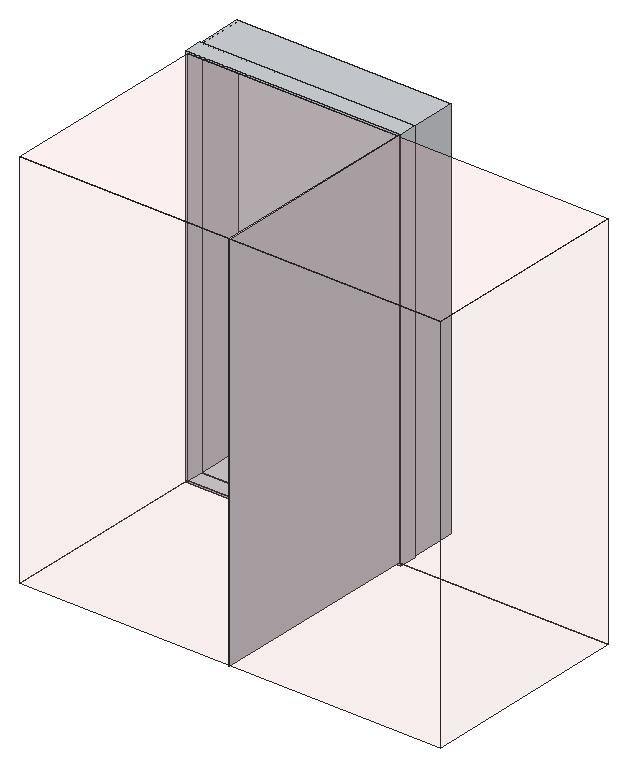
Revit family "Hager-PABLO-Flush_mounted-IP40-With_Cover-Without_DIN-NoHosted-IT-it", category Electrical Equipment, Revit 2023
Family settings
  Panel Configuration = Two Columns, Circuits Across
  Round Connector Dimension = Use Diameter
  Part Type = Panelboard
  Work Plane-Based = Yes
  Always vertical = Yes
  Cut with Voids When Loaded = No
  Maintain Annotation Orientation = No
  Shared = No
  Room Calculation Point = No
Parameters (values of type "PABLO-Flush_mounted_W455_H850_D135_18_Modular_Spacing-B04147")
  Width Control [instance] = if([HG000006-Flush mounted-it], if([EF000846 - Larghezza di montaggio] > min_whd, [EF000846 - Larghezza di montaggio], min_whd), if([EF000008 - Larghezza] > min_whd, ([EF000008 - Larghezza]), min_whd))  # 455 mm
  Void Depth [instance] = if([EF000218 - Profondità di incasso] > 1 mm, [EF000218 - Profondità di incasso], 1 mm)  # 98 mm
  Uniformat code = "D501001"
  Uniformat = "Low Tension Service & Dist."
  Référence = ""
  HGEF0002950-Numero moduli DIN = 18
  HGEF000266-Numero di file = 4
  HG000131 - Functional label [instance] = ""
  HG000130 - Functional name [instance] = ""
  HG000099-Onfly Template ID-it-IT = "507532"
  HG000059-Operating voltage-it-IT [instance] = 230 V
  HG000017-Distance between poles-it = 18 mm
  HG000016-Door 3D visibility-it = yes
  HG000015-Clearance visibility-it = yes
  HG000014-Door on the right-it = yes
  HG000013-Door on the left-it = no
  HG000012-Door swing angle-it = 90.00°
  HG000011-Empty rows from bottom-it = no
  HG000010-Asymmetric doors-it = no
  HG000009-Double swing door-it = no
  HG000008-Number of empty rows-it = 0
  HG000007-Number of empty columns-it = 0
  HG000006-Flush mounted-it = yes
  HG000005-Thickness-it = 2 mm
  HG000004-Manufacturer reference-it = "B04147"
  HG000003-Range-it = "PABLO"
  HG000002-with door or cover-it = yes
  HG000001 - Numero di colonne = 0
  ETIM class name = "Small distribution board"
  ETIM class code = "EC000214"
  EF015941 - Segnale di passaggio porta = no
  EF015777 - Morsettiera neutra = no
  EF015776 - Morsettiera di terra = no
  EF009212 - Esecuzione coperchio = ""
  EF006306 - Con serratura = no
  EF006244 - Coperchio/porta trasparente = no
  EF005474 - Grado di protezione (IP) = "IP40"
  EF004464 - Tipo di porta = ""
  EF004462 - Tipo di chiusura = ""
  EF002950 - Numero moduli DIN = 18
  EF001596 - Materiale del corpo = ""
  EF001134 - Barra DIN = no
  EF001131 - Profondità interna = 0 mm
  EF001088 - Possibilità di applicazione = no
  EF001062 - Esecuzione EMC = no
  EF000846 - Larghezza di montaggio = 455 mm
  EF000339 - Tipo di copertura = ""
  EF000332 - Altezza della parte incassata = 821 mm
  EF000266 - Numero di file = 4
  EF000218 - Profondità di incasso = 98 mm
  EF000118 - Con piastra di montaggio = no
  EF000116 - Numero RAL = 9016
  EF000049 - Profondità = 135 mm
  EF000040 - Altezza = 850 mm
  EF000024 - Resistente ai raggi UV = no
  EF000008 - Larghezza = 455 mm
  EF000007 - Colore = ""
  EF000003 - Tipo di montaggio = "Incassato"
  Type Comments = ""
  System Height [instance] = Height Control - 2 * [HG000005-Thickness-it]  # 817 mm
  Reference description = ""
  Reference = "PABLO-Flush_mounted_W455_H850_D135_18_Modular_Spacing-B04147"
  Panel Name [instance] = ""  # (empty or 0)
  Offset [instance] = 0 mm
  Object type = ""
  Name hager = "ADD_Enclosures_EC000214"
  Name BIM&CO = "Electricity"
  Name = "PABLO-Flush_mounted-IP40-With_Cover-Without_DIN-IT"
  Model = ""
  Level Offset [instance] = [Flush Mounted - Door Frame Width] + Offset  # 29 mm
  HG000060-RAL-number = "9016"
  GTIN (Global Trade Item Number) = ""
  Description = ""
  Default Elevation = 1200 mm
  Creation Date = "12/17/2025 20:22:45"
  Code hager = "ADD-EC000214_EU"
  Code Uniformat = ""
  BIM&CO code = ""
  BC_VARIANT_ID = "1179086"
  BC_OBJECT_VERSION = "#5"  # constant formula
  BC_OBJECT_ID = "513913"  # constant formula
  BC_MODEL_ID = "1554422"  # constant formula
  BC_METADATA = "{\"ObjectGuid\":\"bc35c96e-cb38-443e-833d-0616858cb9ac\",\"ModelGuid\":\"8af03f69-2293-4735-a617-cc53adf55621\",\"VariantGuid\":\"8b6e323b-1b53-409a-a940-11b5a7fc5337\",\"Revision\":\"#4\",\"VariantName\":\"Template-Enclosure_EU-EC000214\"}"
  Arrow Offset [instance] = Depth Control / 8  # 12.25 mm
  Arrow Height [instance] = Depth Control - Arrow Offset  # 85.75 mm
  Host Offset [instance] = if([HG000006-Flush mounted-it], 0 mm, [EF000049 - Profondità])  # 0 mm
  min_whd [instance] = (2 * [HG000005-Thickness-it]) + 1 mm  # 5 mm
  Manufacturer = "Hager"  # constant formula
  Height Control [instance] = if([HG000006-Flush mounted-it], if([EF000332 - Altezza della parte incassata] > min_whd, [EF000332 - Altezza della parte incassata], min_whd), if([EF000040 - Altezza] > min_whd, ([EF000040 - Altezza]), min_whd))  # 821 mm
  Flush Mounted - Door Frame Width [instance] = if(([EF000040 - Altezza] - [EF000332 - Altezza della parte incassata]) > 0 mm, if([HG000006-Flush mounted-it], [EF000040 - Altezza] - [EF000332 - Altezza della parte incassata], 0 mm), 0 mm)  # 29 mm
  Depth Control [instance] = if([HG000006-Flush mounted-it], if([EF000218 - Profondità di incasso] > 0 mm, [EF000218 - Profondità di incasso], 1 mm), if([EF000049 - Profondità] > 0 mm, ([EF000049 - Profondità]), 1 mm))  # 98 mm
Types (7, lengths in mm): name | Width Control | Void Depth | HGEF0002950-Numero moduli DIN | HGEF000266-Numero di file | HG000004-Manufacturer reference-it | EF002950 - Numero moduli DIN | EF000846 - Larghezza di montaggio | EF000332 - Altezza della parte incassata | EF000266 - Numero di file | EF000218 - Profondità di incasso | EF000049 - Profondità | EF000040 - Altezza | EF000008 - Larghezza | System Height | Reference | Level Offset | BC_VARIANT_ID | Arrow Offset | Arrow Height | Height Control | Flush Mounted - Door Frame Width | Depth Control
  PABLO-Flush_mounted_W169_H180_D99_4_Modular_Spacing-B04100 | 169 | 74 | 4 | 1 | "B04100" | 4 | 169 | 160 | 1 | 74 | 99 | 180 | 169 | 156 | "PABLO-Flush_mounted_W169_H180_D99_4_Modular_Spacing-B04100" | 20 | "1179080" | 9.25 | 64.75 | 160 | 20 | 74
  PABLO-Flush_mounted_W261_H225_D102_8_Modular_Spacing-B04101 | 261 | 74 | 8 | 1 | "B04101" | 8 | 261 | 205 | 1 | 74 | 102 | 225 | 261 | 201 | "PABLO-Flush_mounted_W261_H225_D102_8_Modular_Spacing-B04101" | 20 | "1179081" | 9.25 | 64.75 | 205 | 20 | 74
  PABLO-Flush_mounted_W333_H275_D108_12_Modular_Spacing-B04102 | 333 | 77 | 12 | 1 | "B04102" | 12 | 333 | 255 | 1 | 77 | 108 | 275 | 333 | 251 | "PABLO-Flush_mounted_W333_H275_D108_12_Modular_Spacing-B04102" | 20 | "1179082" | 9.625 | 67.375 | 255 | 20 | 77
  PABLO-Flush_mounted_W441_H300_D114_18_Modular_Spacing-B04103 | 441 | 77 | 18 | 1 | "B04103" | 18 | 441 | 280 | 1 | 77 | 114 | 300 | 441 | 276 | "PABLO-Flush_mounted_W441_H300_D114_18_Modular_Spacing-B04103" | 20 | "1179083" | 9.625 | 67.375 | 280 | 20 | 77
  PABLO-Flush_mounted_W455_H650_D135_18_Modular_Spacing-B04106 | 455 | 77 | 18 | 3 | "B04106" | 18 | 455 | 630 | 3 | 77 | 135 | 650 | 455 | 626 | "PABLO-Flush_mounted_W455_H650_D135_18_Modular_Spacing-B04106" | 20 | "1179084" | 9.625 | 67.375 | 630 | 20 | 77
  PABLO-Flush_mounted_W205_H180_D101_6_Modular_Spacing-B04146 | 205 | 74 | 6 | 1 | "B04146" | 6 | 205 | 160 | 1 | 74 | 101 | 180 | 205 | 156 | "PABLO-Flush_mounted_W205_H180_D101_6_Modular_Spacing-B04146" | 20 | "1179085" | 9.25 | 64.75 | 160 | 20 | 74
  PABLO-Flush_mounted_W455_H850_D135_18_Modular_Spacing-B04147 | 455 | 98 | 18 | 4 | "B04147" | 18 | 455 | 821 | 4 | 98 | 135 | 850 | 455 | 817 | "PABLO-Flush_mounted_W455_H850_D135_18_Modular_Spacing-B04147" | 29 | "1179086" | 12.25 | 85.75 | 821 | 29 | 98
Reference planes
  plane 1 "Center (Front/Back)": y = 0
  plane 2: z = 0
  plane 3 "Center (Left/Right)": x = 0
  plane 4: y = 31
  plane 5: y = 98
  plane 6: y = 29
  plane 7: z = 0
  plane 8: x = -227.5
  plane 9: x = 227.5
  plane 10: x = 225.5
  plane 11: x = -225.5
  plane 12: z = 29
  plane 13: z = 31
  plane 14: y = 5
  plane 15: y = 0
  plane 16: y = 96
  plane 17: z = 848
  plane 18: z = 850
  plane 19: z = 439.5
  plane 20: x = 0
  plane 21: y = -100
  plane 22 "Annotation H": y = -300
  plane 23 "Annotation V": x = 427.5
Forms (mm)
  Extrusion 1, solid
    sketch origin (-208.679, -4572, 29) x (-1, 0, 0) y (0, -1, 0)
      loop
        line (18.821, -4572) -> (-436.179, -4572) -> (-436.179, -4670) -> (18.821, -4670) -> (18.821, -4572)
    from 0 to 821 <- "Height Control"
  Extrusion 2, void
    sketch origin (-350.771, 0, 1219.2) x (1, 0, 0) y (0, 0, 1)
      loop
        line (125.271, -371.2) -> (125.271, -1188.2) -> (576.271, -1188.2) -> (576.271, -371.2) -> (125.271, -371.2)
    from 0 to -96
  Extrusion 3, solid, detail levels coarse+medium
    sketch origin (-350.771, 0, 1219.2) x (-1, 0, 0) y (0, 0, 1)
      loop
        line (-125.271, -371.2) -> (-576.271, -371.2) -> (-576.271, -1188.2) -> (-125.271, -1188.2) -> (-125.271, -371.2)
    from 0 to 2 <- "HG000005-Thickness-it"
Cuts and joins
  Extrusion 2 cuts Extrusion 1
Dimensions and locks
  "Flush Mounted - Door Frame Width": plane 1 "Center (Front/Back)" to plane 6
  "HG000005-Thickness-it": plane 4 to plane 6
  "HG000005-Thickness-it": plane 8 to plane 11
  "HG000005-Thickness-it": plane 9 to plane 10
  equal spacing: plane 8, plane 3 "Center (Left/Right)", plane 9
  "Width Control": plane 8 to plane 9
  locked: plane 14 to plane 15 at 5
  "Host Offset": plane 1 "Center (Front/Back)" to plane 15
  "Depth Control": plane 5 to plane 15
  "HG000005-Thickness-it": plane 5 to plane 16
  "HG000005-Thickness-it": plane 13 to plane 12
  "Level Offset": plane 12 to level
  "HG000005-Thickness-it": plane 18 to plane 17
  "Height Control": plane 18 to plane 12
  "Arrow Offset": plane 5 to nested 4
  equal spacing: plane 18, plane 19, plane 12
  locked: connector elem to plane 19
  locked: connector elem to plane 3 "Center (Left/Right)"
  Extrusion 2 sketch curve to Extrusion 2 sketch curve to plane 9 = 451 mm, 2 mm
  locked: plane 9 to plane 23 "Annotation V" at 200
  locked: plane 22 "Annotation H" to plane 1 "Center (Front/Back)" at 300
  aligned and locked: nested 1 to plane 14
  aligned and locked: plane 3 "Center (Left/Right)" to nested 1
  aligned and locked: plane 3 "Center (Left/Right)" to nested 2
  aligned and locked: nested 2 to plane 15
  aligned and locked: plane 5 to Extrusion 1
  aligned and locked: Extrusion 3 sketch curve to plane 17
  aligned and locked: Extrusion 3 sketch curve to plane 11
  aligned and locked: Extrusion 3 sketch curve to plane 13
  aligned and locked: Extrusion 3 sketch curve to plane 10
  aligned and locked: Extrusion 2 sketch curve to plane 13
  aligned and locked: Extrusion 2 sketch curve to plane 17
  aligned and locked: plane 16 to Extrusion 2
  aligned and locked: plane 5 to Extrusion 1 sketch curve
  aligned and locked: plane 9 to Extrusion 1 sketch curve
  aligned and locked: plane 8 to Extrusion 1 sketch curve
  aligned and locked: plane 8 to nested 4
  aligned and locked: plane 8 to nested 3
  aligned and locked: nested 3 to plane 5
  aligned and locked: Extrusion 1 sketch curve to plane 15
  aligned and locked: Extrusion 2 to plane 15
  aligned and locked: nested 5 to plane 22 "Annotation H"
  aligned and locked: plane 23 "Annotation V" to nested 5
  aligned and locked: plane 11 to Extrusion 2
  aligned and locked: plane 10 to Extrusion 2
Nested families
  nested 1: "Hager_Enclosure_System" at (0, 5, 31), Height <- "System Height", Width_Control <- "Width Control", Built-in_Width <- "EF000846 - Larghezza di montaggio", Width <- "EF000008 - Larghezza", Depth <- "HG000005-Thickness-it", Border <- "HG000005-Thickness-it", Distance_Between_Poles <- "HG000017-Distance between poles-it", Flush_Mounted <- "HG000006-Flush mounted-it", Empty_Columns <- "HG000007-Number of empty columns-it", Total_No_Empty_Rows <- "HG000008-Number of empty rows-it", Empty_Rows_From_Bottom <- "HG000011-Empty rows from bottom-it", Columns_Count <- "HG000001 - Numero di colonne", Rows_Count <- "HGEF000266-Numero di file", Row_Module_Multiplicator <- "HGEF0002950-Numero moduli DIN", type "Hager_Enclosure_System", detail levels medium+fine
    with Width_Control 455 mm, Width 455 mm, Total_No_Rows 4, Total_No_Empty_Rows 0, Total_No_Columns 1, System_Width 451 mm, Rows_Count 4, Rows_Column 4, Row_Module_Multiplicator 18, Panel_4 no, Panel_3 no, Panel_2 no, Panel_1 no, No_Panels_Ctrl 1, Hide_Columns yes, Height 817 mm, Flush_Mounted yes, Empty_Rows_From_Bottom no, Empty_Rows_Column 0, Empty_Columns 0, Empty column 4 0, Empty column 3 0, Empty column 2 0, Empty column 1 0, Distance_Between_Poles 18 mm, Depth 2 mm, Columns_Count 0, Column_Width 451 mm, Built-in_Width 455 mm, Border 2 mm
  nested 2: "Hager_Enclosure_Door" at (0, 0, 29), Height_Ctrl <- "Height Control", Width_Ctrl <- "Width Control", BuiltIn_Depth <- "EF000218 - Profondità di incasso", Depth <- "EF000049 - Profondità", BuiltIn_Width <- "EF000846 - Larghezza di montaggio", Height <- "EF000040 - Altezza", BuiltIn_Height <- "EF000332 - Altezza della parte incassata", Width <- "EF000008 - Larghezza", Transparent <- "EF006244 - Coperchio/porta trasparente", Border <- "HG000005-Thickness-it", Door <- "HG000002-with door or cover-it", Flush_Mounted <- "HG000006-Flush mounted-it", Double <- "HG000009-Double swing door-it", Assymetrical <- "HG000010-Asymmetric doors-it", Angle <- "HG000012-Door swing angle-it", Door_Left <- "HG000013-Door on the left-it", Door_Right <- "HG000014-Door on the right-it", Clearance <- "HG000015-Clearance visibility-it", 3d_Door <- "HG000016-Door 3D visibility-it", type "Hager_Enclosure_Door", detail levels medium+fine
    with min_wh 5 mm, Width_Ctrl 455 mm, Width 455 mm, Transparent_Door_No_Bottom_Border no, Transparent no, Leaf_Width 448 mm, Leaf_Tolerance 1.5 mm, Leaf_Height 814 mm, Leaf_2_Width 448 mm, Leaf_2_Offset 224 mm, Leaf_1_Width 448 mm, Leaf_1_Offset 224 mm, Height_Ctrl 821 mm, Height 850 mm, Frame_Width_Ctrl 1 mm, Frame_Width 0 mm, Frame_Internal_Offset 2 mm, Frame_Height_Ctrl 29 mm, Frame_Height 29 mm, Frame_Depth_Ctrl 37 mm, Frame_Depth 37 mm, Flush_Mounted yes, Double_Clearance_Ctrl no, Double no, Door_Right_Ctrl yes, Door_Right yes, Door_Left_Ctrl no, Door_Left no, Door yes, Depth 135 mm, Clearance_Depth 448 mm, Clearance_Ctrl yes, Clearance yes, BuiltIn_Width 455 mm, BuiltIn_Height 821 mm, BuiltIn_Depth 98 mm, Border 2 mm, Assymetrical no, Angle 90.00°, 3d_Door yes
  nested 3: "Hager_Enclosure_Symbol_Triangle" at (-227.5, 98, 0), Depth <- "Depth Control", Width <- "Width Control", type "Hager_Enclosure_Symbol_Triangle"
    with Width_Ctrl 455 mm, Width 455 mm, Depth_Ctrl 98 mm, Depth 98 mm
  nested 4: "Hager_Enclosure_Symbol_Arrow" at (-227.5, 85.75, 0), Height <- "Arrow Height", type "Hager_Enclosure_Symbol_Arrow"
    with Width_Inside 6.431 mm, Width 77.175 mm, Height_Ctrl 85.75 mm, Height 85.75 mm
  nested 5: "Hager_Annotation-HG000130" at (427.5, -300, 0), HG000130 - Functional name <- "HG000130 - Functional name", type "Hager_Annotation-HG000130"
    with HG000130 - Functional name ""
Connectors
  electrical at (0, 98, 439.5), driven by "HG000059-Operating voltage-it-IT"
    settings: on plane 5, index 1, voltage 230 V, apparent load 0 VA, apparent load phase1 0 VA, apparent load phase2 0 VA, apparent load phase3 0 VA, power factor 1, load classification "Other", number of poles 1, system type 30, power factor state 1, is connector primary yes, connector utility no, sub classification motor no, connector description ""
Definition of nested family "Hager_Enclosure_Door"
  Parameters (values of type "Hager_Enclosure_Door")
    min_wh [instance] = (2 * Border) + 1 mm  # 11 mm
    Width_Ctrl [instance] = 400 mm
    Width [instance] = 500 mm
    Transparent_Door_No_Bottom_Border [instance] = no
    Transparent [instance] = yes
    Leaf_Width [instance] = if((Width_Ctrl - 2 * Border - 2 * Leaf_Tolerance) > 0 mm, (Width_Ctrl - 2 * Border - 2 * Leaf_Tolerance), min_wh)  # 387 mm
    Leaf_Tolerance [instance] = 1.5 mm  # constant formula
    Leaf_Height [instance] = if((Height_Ctrl - 2 * Border - 2 * Leaf_Tolerance) > 0 mm, (Height_Ctrl - 2 * Border - 2 * Leaf_Tolerance), min_wh)  # 387 mm
    Leaf_2_Width [instance] = if(and(and(Double, Assymetrical), Door_Left), (Leaf_Width / 3) - (Leaf_Tolerance / 2), if(and(and(Double, Assymetrical), Door_Right), (Leaf_Width / 3) * 2 - (Leaf_Tolerance / 2), if(and(Double, not(Assymetrical)), (Leaf_Width / 2) - Leaf_Tolerance, Leaf_Width)))  # 387 mm
    Leaf_2_Offset [instance] = if(and(Double, Assymetrical), Leaf_2_Width / 2, if(and(Double, not(Assymetrical)), Leaf_Width / 4, Leaf_Width / 2))  # 193.5 mm
    Leaf_1_Width [instance] = if(and(and(Double, Assymetrical), Door_Right), (Leaf_Width / 3) - (Leaf_Tolerance / 2), if(and(and(Double, Assymetrical), Door_Left), (Width / 3) * 2 - (Leaf_Tolerance / 2), if(and(Double, not(Assymetrical)), (Leaf_Width / 2) - Leaf_Tolerance, Leaf_Width)))  # 387 mm
    Leaf_1_Offset [instance] = if(and(Double, Assymetrical), Leaf_1_Width / 2, if(and(Double, not(Assymetrical)), Leaf_Width / 4, Leaf_Width / 2))  # 193.5 mm
    Height_Ctrl [instance] = 400 mm
    Height [instance] = 500 mm
    Frame_Width_Ctrl [instance] = if(Frame_Width > 0 mm, Frame_Width, 1 mm)  # 1 mm
    Frame_Width [instance] = Width - BuiltIn_Width  # 0 mm
    Frame_Internal_Offset [instance] = if(Flush_Mounted, Border, 0 mm)  # 5 mm
    Frame_Height_Ctrl [instance] = if(Frame_Height > 0 mm, Frame_Height, 1 mm)  # 1 mm
    Frame_Height [instance] = Height - BuiltIn_Height  # 0 mm
    Frame_Depth_Ctrl [instance] = if(Frame_Depth > 0 mm, Frame_Depth, 1 mm)  # 1 mm
    Frame_Depth [instance] = if(Depth - BuiltIn_Depth > 0 mm, if(Flush_Mounted, Depth - BuiltIn_Depth, 0 mm), 0 mm)  # 0 mm
    Flush_Mounted [instance] = yes
    Double_Clearance_Ctrl [instance] = and(Double, Clearance)  # no
    Double [instance] = no
    Door_Right_Ctrl [instance] = and(or(Door_Right, Double), Door)  # yes
    Door_Right [instance] = yes
    Door_Left_Ctrl [instance] = and(or(Door_Left, Double), Door)  # no
    Door_Left [instance] = no
    Door [instance] = yes
    Depth [instance] = 500 mm
    Default Elevation = 1219.2 mm
    Clearance_Material = none
    Clearance_Depth [instance] = if(Leaf_1_Width > Leaf_2_Width, Leaf_1_Width, Leaf_2_Width)  # 387 mm
    Clearance_Ctrl [instance] = and(not(Double), Clearance)  # yes
    Clearance [instance] = yes
    BuiltIn_Width [instance] = 500 mm
    BuiltIn_Height [instance] = 500 mm
    BuiltIn_Depth [instance] = 500 mm
    Border [instance] = 5 mm
    Assymetrical [instance] = yes
    Angle [instance] = 30.00°
    3d_Door [instance] = yes
  Reference planes
    plane 1 "Center (Front/Back)": y = 0
    plane 2 "Bottom": z = 0
    plane 3 "Center (Left/Right)": x = 0
    plane 4: z = 400
    plane 5: x = -200
    plane 6: x = 200
    plane 7: z = 395
    plane 8: x = -195
    plane 9: z = 5
    plane 10: x = 195
    plane 11: y = 0
    plane 12: z = 6.5
    plane 13: x = -582
    plane 14: y = -387
    plane 15: x = 582
    plane 16: x = 0
    plane 17: x = 0
    plane 18: x = -193.5
    plane 19: x = 193.5
    plane 20: z = 393.5
  Forms (mm)
    Extrusion 1, solid, visible <- "Flush_Mounted"
      sketch origin (0, 0, 0) x (1, 0, 0) y (0, 0, 1)
        loop
          line (195, 5) -> (195, 395) -> (-195, 395) -> (-195, 5) -> (195, 5)
        loop
          line (-201, 401) -> (-201, -1) -> (201, -1) -> (201, 401) -> (-201, 401)
      from 0 to 1 <- "Frame_Depth_Ctrl"
    Extrusion 2, solid, material <- "Clearance_Material", visible <- "Double_Clearance_Ctrl"
      sketch origin (1200, 0, 0) x (1, 0, 0) y (0, 0, -1)
        loop
          line (-1782, -393.5) -> (-618, -393.5) -> (-618, 0) -> (-1782, 0) -> (-1782, -393.5)
      from 0 to -387
  Dimensions and locks
    equal spacing: plane 5, plane 3 "Center (Left/Right)", plane 6
    "Width_Ctrl": plane 5 to plane 6
    "Border": plane 5 to plane 8
    "Border": plane 6 to plane 10
    "Border": plane 9 to level
    "Border": plane 4 to plane 7
    "Height_Ctrl": plane 4 to level
    "Leaf_Tolerance": plane 12 to plane 9
    "Frame_Depth": plane 11 to plane 1 "Center (Front/Back)"
    "Frame_Width_Ctrl": plane 5 to Extrusion 1 sketch curve
    "Frame_Width_Ctrl": plane 6 to Extrusion 1 sketch curve
    "Frame_Width_Ctrl": Extrusion 1 sketch curve to plane 4
    "Frame_Width_Ctrl": plane 2 "Bottom" to Extrusion 1 sketch curve
    "Leaf_1_Offset": plane 18 to plane 16
    "Leaf_2_Offset": plane 17 to plane 19
    "Leaf_1_Width": plane 13 to plane 8
    "Leaf_2_Width": plane 10 to plane 15
    "Clearance_Depth": plane 14 to plane 1 "Center (Front/Back)"
    "Leaf_Tolerance": plane 8 to plane 18
    "Leaf_Tolerance": plane 19 to plane 10
    "Leaf_Tolerance": plane 7 to plane 20
    "Frame_Internal_Offset": plane 5 to Extrusion 1 sketch curve
    "Frame_Internal_Offset": Extrusion 1 sketch curve to plane 2 "Bottom"
    "Frame_Internal_Offset": plane 6 to Extrusion 1 sketch curve
    "Frame_Internal_Offset": plane 4 to Extrusion 1 sketch curve
    aligned and locked: level to plane 2 "Bottom"
    aligned and locked: nested 1 to plane 16
    aligned and locked: nested 2 to plane 17
    aligned and locked: Extrusion 2 to plane 13
    aligned and locked: plane 15 to Extrusion 2
    aligned and locked: Extrusion 2 to plane 14
    aligned and locked: plane 12 to nested 1
    aligned and locked: nested 2 to plane 12
    aligned and locked: Extrusion 2 to plane 11
    aligned and locked: plane 20 to Extrusion 2
    aligned and locked: nested 2 to plane 11
    aligned and locked: nested 1 to plane 11
  Automatic sketch dimensions
    Extrusion 2 sketch curve to level = 0 mm
    plane 5 to Extrusion 2 sketch curve = 382 mm
    plane 6 to Extrusion 2 sketch curve = 382 mm
    Extrusion 2 sketch curve to plane 4 = 6.5 mm
  Nested families
    nested 1: "Hager_Enclosure_Door_Leaf" at (0, 0, 6.5), Width <- "Leaf_1_Width", visible <- "Door_Left_Ctrl", Leaf_Height <- "Leaf_Height", Angle <- "Angle", Depth <- "Border", 3d_Door <- "3d_Door", Transparent <- "Transparent", Clearance Material <- "Clearance_Material", Clearance <- "Clearance_Ctrl", Transparent_Door_No_Bottom_Border <- "Transparent_Door_No_Bottom_Border", type "Hager_Enclosure_Door_Leaf"
      with Width 387 mm, Transparent_Door_No_Bottom_Border no, Transparent_Door_Border_Bottom_Top 25 mm, Transparent_Door_Border 25 mm, Transparent_Ctrl yes, Transparent yes, Standard no, Leaf_Height 387 mm, Glass_Offset 1 mm, Depth 5 mm, Clearance Material none, Clearance yes, Angle_Ctrl 30.00°, Angle 30.00°, 3d_Door yes
    nested 2: "Hager_Enclosure_Door_Leaf" at (0, 0, 6.5) x (-1, 0, 0) z (0, 0, 1), Width <- "Leaf_2_Width", visible <- "Door_Right_Ctrl", Leaf_Height <- "Leaf_Height", Angle <- "Angle", Depth <- "Border", 3d_Door <- "3d_Door", Transparent <- "Transparent", Clearance Material <- "Clearance_Material", Clearance <- "Clearance_Ctrl", Transparent_Door_No_Bottom_Border <- "Transparent_Door_No_Bottom_Border", type "Hager_Enclosure_Door_Leaf"
      with Width 387 mm, Transparent_Door_No_Bottom_Border no, Transparent_Door_Border_Bottom_Top 25 mm, Transparent_Door_Border 25 mm, Transparent_Ctrl yes, Transparent yes, Standard no, Leaf_Height 387 mm, Glass_Offset 1 mm, Depth 5 mm, Clearance Material none, Clearance yes, Angle_Ctrl 30.00°, Angle 30.00°, 3d_Door yes
  Definition of nested family "Hager_Enclosure_Door_Leaf"
    Parameters (values of type "Hager_Enclosure_Door_Leaf")
      Width [instance] = 2000 mm
      Transparent_Door_No_Bottom_Border [instance] = yes
      Transparent_Door_Border_Bottom_Top [instance] = if(Transparent_Door_No_Bottom_Border, 0.1 mm, Transparent_Door_Border)  # 0.1 mm
      Transparent_Door_Border [instance] = if(Transparent_Door_No_Bottom_Border, (Width * 0.12), 25 mm)  # 240 mm
      Transparent_Ctrl [instance] = and(Transparent, [3d_Door])  # yes
      Transparent [instance] = yes
      Standard [instance] = and(not(Transparent), [3d_Door])  # no
      Leaf_Height [instance] = 2720.336 mm
      Glass_Offset [instance] = if((Depth - 10 mm) / 2 > 0 mm, (Depth - 10 mm) / 2, 1 mm)  # 15 mm
      Glass_Material = none
      Depth [instance] = 40 mm
      Default Elevation = 0 mm
      Clearance Material [instance] = none
      Clearance [instance] = yes
      Angle_Ctrl [instance] = if(Angle > 170.00°, 170.00°, Angle)  # 45.00°
      Angle [instance] = 45.00°
      3d_Door [instance] = yes
    Reference planes
      plane 1 "Center (Front/Back)": y = 0
      plane 2: z = 0
      plane 3 "Center (Left/Right)": x = 0
      plane 4: y = 2000
      plane 5: x = -1000
      plane 6: x = 1000
      plane 7: x = -3000
      plane 8: z = 2720.336
      plane 9: z = 0.1
      plane 10: z = 2720.236
      plane 11: x = 760
      plane 12: x = -760
    Forms (mm)
      Extrusion 1, solid, material <- "Clearance Material", visible <- "Clearance"
        sketch origin (0, 0, 0) x (1, 0, 0) y (0, 0, 1)
          loop
            line (-3000, 2720.336) -> (-3000, 0) -> (1000, 0) -> (1000, 2720.336) -> (-3000, 2720.336)
        from 0 to -2000
      Extrusion 2, solid, visible <- "Standard", detail levels medium+fine
        sketch origin (-1000, 0, 0) x (0.707107, 0.707107, 0) y (-0.707107, 0.707107, 0)
          loop
            line (0, -40) -> (2000, -40) -> (2000, 0) -> (0, 0) -> (0, -40)
        from 0 to 2720.336 <- "Leaf_Height"
      Extrusion 3, solid, visible <- "Transparent_Ctrl", detail levels medium+fine
        sketch origin (-1000, 0, 0) x (0.707107, 0.707107, 0) y (-0.707107, 0.707107, 0)
          loop
            line (0, -40) -> (2000, -40) -> (2000, 0) -> (0, 0) -> (0, -40)
        from 0 to 2720.336 <- "Leaf_Height"
      Extrusion 4, void, detail levels medium+fine
        sketch origin (-1000, 0, 0) x (-0.707107, 0.707107, 0) y (0.707107, 0.707107, 0)
          loop
            line (0, 240) -> (0, 1760) -> (-40, 1760) -> (-40, 240) -> (0, 240)
        from -2720.236 to -0.1
      Extrusion 5, solid, material <- "Glass_Material", visible <- "Transparent_Ctrl", detail levels medium+fine
        sketch origin (-1000, 0, 0) x (0.707107, 0.707107, 0) y (-0.707107, 0.707107, 0)
          loop
            line (240, -15) -> (240, -25) -> (1760, -25) -> (1760, -15) -> (240, -15)
        from 0.1 to 2720.236
    Cuts and joins
      Extrusion 4 cuts Extrusion 3
    Lines and regions (mm)
      symbolic lines
        curve 1: line (1000, 0, 0) -> (-3000, 0, 0)
        curve 2: arc (1000, 0, 0) -> (-1000, 2000, 0) -> (-3000, 0, 0) r 2000
        curve 4: line (-1000, 0, 0) -> (414.214, 1414.214, 0)
      reference lines
        curve 3: line (-1000, 0, 0) -> (414.214, 1414.214, 0)
      symbolic lines, detail levels medium+fine
        curve 5: line (414.214, 1414.214, 0) -> (442.498, 1385.929, 0)
        curve 6: line (442.498, 1385.929, 0) -> (-971.716, -28.284, 0)
        curve 7: line (-971.716, -28.284, 0) -> (-1000, 0, 0)
        curve 8: line (-1000, 0, 2720.336) -> (1000, 0, 2720.336)
        curve 9: line (-1000, 0, 0) -> (-1000, 0, 2720.336)
        curve 10: line (1000, 0, 0) -> (-1000, 0, 0)
        curve 11: line (1000, 0, 2720.336) -> (1000, 0, 0)
      symbolic lines, visible <- "Transparent_Ctrl", detail levels medium+fine
        curve 12: line (-760, 0, 2720.236) -> (760, 0, 2720.236)
        curve 13: line (-760, 0, 0.1) -> (-760, 0, 2720.236)
        curve 14: line (760, 0, 0.1) -> (-760, 0, 0.1)
        curve 15: line (760, 0, 2720.236) -> (760, 0, 0.1)
    Dimensions and locks
      "Width": plane 1 "Center (Front/Back)" to plane 4
      equal spacing: plane 5, plane 3 "Center (Left/Right)", plane 6
      "Width": plane 5 to plane 6
      "Width": plane 7 to plane 5
      "Leaf_Height": plane 8 to level
      "Depth": curve 6 to curve 3
      "Width": curve 5 to curve 3
      "Width": curve 3 to curve 3
      "Transparent_Door_Border": Extrusion 4 sketch curve to curve 7
      "Transparent_Door_Border": Extrusion 4 sketch curve to curve 5
      "Transparent_Door_Border_Bottom_Top": plane 8 to plane 10
      "Transparent_Door_Border_Bottom_Top": plane 9 to level
      "Glass_Offset": Extrusion 5 sketch curve to curve 4
      "Glass_Offset": Extrusion 5 sketch curve to curve 6
      "Transparent_Door_Border": Extrusion 5 sketch curve to curve 5
      "Transparent_Door_Border": Extrusion 5 sketch curve to curve 7
      "Transparent_Door_Border": plane 12 to plane 5
      "Transparent_Door_Border": plane 6 to plane 11
      "Angle_Ctrl": angle plane 1 "Center (Front/Back)" to curve 3
      aligned and locked: level to plane 2
      aligned and locked: Extrusion 1 to curve 1
      aligned and locked: plane 6 to Extrusion 1
      aligned and locked: Extrusion 1 to plane 1 "Center (Front/Back)"
      aligned and locked: plane 4 to Extrusion 1
      aligned and locked: plane 8 to Extrusion 1
      aligned and locked: curve 4 to curve 3
      aligned and locked: Extrusion 2 sketch curve to curve 7
      aligned and locked: Extrusion 2 sketch curve to curve 6
      aligned and locked: Extrusion 2 sketch curve to curve 5
      aligned and locked: Extrusion 2 sketch curve to curve 3
      aligned and locked: curve 7 to Extrusion 3 sketch curve
      aligned and locked: Extrusion 3 sketch curve to curve 4
      aligned and locked: Extrusion 3 sketch curve to curve 6
      aligned and locked: Extrusion 3 sketch curve to curve 5
      aligned and locked: curve 4 to Extrusion 4 sketch curve
      aligned and locked: curve 6 to Extrusion 4 sketch curve
      aligned and locked: Extrusion 4 to plane 9
      aligned and locked: Extrusion 4 to plane 10
      aligned and locked: Extrusion 5 to plane 9
      aligned and locked: Extrusion 5 to plane 10
      aligned and locked: curve 8 to plane 8
      aligned and locked: plane 5 to curve 9
      aligned and locked: plane 2 to curve 10
      aligned and locked: curve 11 to plane 6
      aligned and locked: plane 10 to curve 12
      aligned and locked: plane 12 to curve 13
      aligned and locked: curve 14 to plane 9
      aligned and locked: plane 11 to curve 15
    Automatic sketch dimensions
      plane 1 "Center (Front/Back)" to curve 2 = 0 mm
      curve 2 to plane 5 = 0 mm
      Extrusion 1 sketch curve to level = 0 mm
      Extrusion 1 sketch curve to plane 7 = 0 mm
      Extrusion 1 sketch curve to plane 6 = 0 mm
      Extrusion 1 sketch curve to plane 8 = 0 mm
      plane 1 "Center (Front/Back)" to curve 3 = 0 mm
      curve 3 to plane 5 = 0 mm
      curve 7 to curve 3 = 0 mm
Definition of nested family "Hager_Enclosure_Symbol_Triangle"
  Parameters (values of type "Hager_Enclosure_Symbol_Triangle")
    Width_Ctrl [instance] = if(Width > 1 mm, Width, 1 mm)  # 498 mm
    Width [instance] = 498 mm
    Depth_Ctrl [instance] = if(Depth > 1 mm, Depth, 1 mm)  # 72 mm
    Depth [instance] = 72 mm
  Reference planes
    plane 1 "Centre (avant/arrière)": y = 0
    plane 2: z = 0
    plane 3 "Centre (gauche/droite)": x = 0
  Lines and regions (mm)
    Filled region 1, type "Solid_Black", in view "Niveau de réf."
      outline origin (0, 0, 0) x (1, 0, 0) y (0, 1, 0)
        loop
          line (0, 0) -> (498, 0) -> (498, 72) -> (0, 0)
    reference lines, in view "Niveau de réf."
      curve 1: line (-206.153, 72, 0) -> (1083.258, 72, 0)
      curve 2: line (498, 405.456, 0) -> (498, -517.619, 0)
  Dimensions and locks
    "Depth_Ctrl": plane 1 "Centre (avant/arrière)" to curve 1
    "Width_Ctrl": plane 3 "Centre (gauche/droite)" to curve 2
    aligned and locked: curve 1 to Filled region 1 sketch curve
    aligned and locked: Filled region 1 sketch curve to plane 1 "Centre (avant/arrière)"
    aligned and locked: curve 2 to Filled region 1 sketch curve
    aligned and locked: plane 3 "Centre (gauche/droite)" to Filled region 1 sketch curve
    aligned and locked: plane 1 "Centre (avant/arrière)" to Filled region 1 sketch curve
  Automatic sketch dimensions
    curve 1 to plane 3 "Centre (gauche/droite)" = 206.153 mm
    curve 2 to curve 1 = 585.258 mm
    plane 1 "Centre (avant/arrière)" to curve 2 = 517.619 mm
    curve 2 to plane 1 "Centre (avant/arrière)" = 405.456 mm
Definition of nested family "Hager_Enclosure_Symbol_Arrow"
  Parameters (values of type "Hager_Enclosure_Symbol_Arrow")
    Width_Inside [instance] = if(Width / 12 > 2 mm, Width / 12, 2 mm)  # 4.987 mm
    Width [instance] = if(Height_Ctrl * 0.9 > 2 mm, Height_Ctrl * 0.9, 2 mm)  # 59.85 mm
    Height_Ctrl [instance] = if(Height > 2 mm, Height, 2 mm)  # 66.5 mm
    Height [instance] = 66.5 mm
  Reference planes
    plane 1 "Centre (avant/arrière)": y = 0
    plane 2: z = 0
    plane 3 "Centre (gauche/droite)": x = 0
    plane 4: x = 59.85
    plane 5: y = 28.263
    plane 6: y = 38.238
    plane 7: y = 66.5
    plane 8: x = 29.925
    plane 9: y = 33.25
  Lines and regions (mm)
    Filled region 1, type "Solid_Black", in view "Niveau de réf."
      outline origin (0, 0, 0) x (1, 0, 0) y (0, 1, 0)
        loop
          line (59.85, 66.5) -> (37.929, 52.827) -> (51.846, 41.935) -> (59.85, 66.5)
    detail lines, in view "Niveau de réf."
      curve 1: line (0, 0, 0) -> (29.925, 38.238, 0)
      curve 2: line (29.925, 38.238, 0) -> (29.925, 28.263, 0)
      curve 3: line (29.925, 28.263, 0) -> (59.85, 66.5, 0)
  Dimensions and locks
    "Width": plane 3 "Centre (gauche/droite)" to plane 4
    "Height_Ctrl": plane 7 to plane 1 "Centre (avant/arrière)"
    equal spacing: plane 3 "Centre (gauche/droite)", plane 8, plane 4
    equal spacing: plane 7, plane 9, plane 1 "Centre (avant/arrière)"
    equal spacing: plane 6, plane 9, plane 5
    "Width_Inside": plane 6 to plane 9
    equal spacing: curve 3, Filled region 1 sketch curve, Filled region 1 sketch curve
    angle Filled region 1 sketch curve to curve 3 = 20.00°
    angle curve 3 to Filled region 1 sketch curve = 20.00°
    locked: curve 3 to Filled region 1 sketch curve (angle 90.00°)
  Automatic sketch dimensions
    plane 1 "Centre (avant/arrière)" to curve 1 = 0 mm
    curve 1 to plane 3 "Centre (gauche/droite)" = 0 mm
    curve 2 to plane 6 = 0 mm
    curve 3 to plane 8 = 0 mm
    curve 3 to plane 4 = 0 mm
    curve 2 to plane 5 = 0 mm
    curve 3 to plane 7 = 0 mm
    Filled region 1 sketch curve to plane 4 = 0 mm
    Filled region 1 sketch curve to plane 7 = 0 mm
Definition of nested family "Hager_Annotation-HG000130"
  Parameters (values of type "Hager_Annotation-HG000130")
    HG000130 - Functional name [instance] = ""
  Reference planes
    plane 1: y = 0
    plane 2: x = 0
  Lines and regions (mm)
    detail lines
      curve 1: line (-27.5, 10, 0) -> (27.5, 10, 0)
      curve 2: line (-27.5, -10, 0) -> (-27.5, 10, 0)
      curve 3: line (27.5, -10, 0) -> (-27.5, -10, 0)
      curve 4: line (27.5, 10, 0) -> (27.5, -10, 0)
  Text (mm)
    label "HG000130 - Functional name" at (0.16, 0.026, 0), shows "HG000130 - Functional name"
